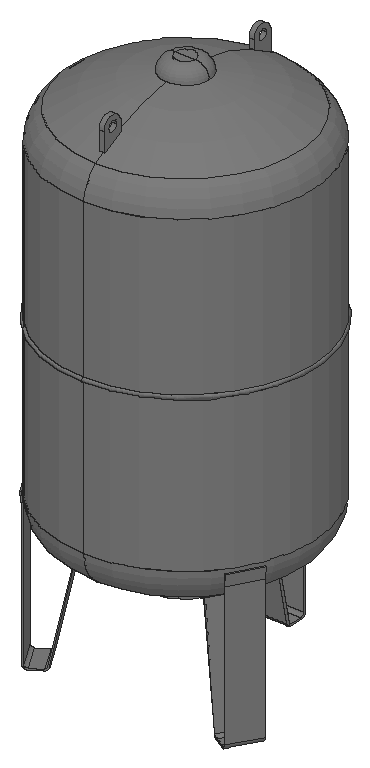
Revit family "MIT-60-ET (Vertical)", category Specialty Equipment, Revit 2022
Family settings
  Round Connector Dimension = Use Diameter
  Part Type = Normal
  Work Plane-Based = No
  Always vertical = Yes
  Cut with Voids When Loaded = No
  Maintain Annotation Orientation = No
  Shared = No
  Room Calculation Point = No
Parameters
  URL = "https://en.ekinendustriyel.com/expansion-tanks"
  Test Pressure = 15.0 bar
  Production Standard = "TS EN 13831"
  Precharge Pressure = 4.0 bar
  Operating Pressure = 10.0 bar
  Model = "MIT-60-ET_(Vertical)"
  Manufacturer = "Ekin Endüstriyel"
  Keynote = "Expension Tank"
  Description = "MIT-Expension Tank"
  Default Elevation = 0 mm
Reference planes
  plane 1 "Center (Front/Back)": y = 0
  plane 2: z = 0
  plane 3 "Center (Left/Right)": x = 0
Forms (mm)
  Revolve 1, solid, material "Ekin Endustriyel-S235JR", detail levels medium+fine
    sketch origin (0, -3850, 0) x (0, 1, 0) y (0, 0, 1)
      loop
        line (3850, 805.013) -> (3850, 803.813) -> (3882.856, 803.813)
        arc (3882.856, 803.813) -> (3953.172, 786.608) -> (4017.445, 753.303) r 304.726
        arc (4017.445, 753.303) -> (4032.24, 735.029) -> (4038.8, 712.449) r 59.499
        line (4038.8, 712.449) -> (4038.8, 241.641)
        arc (4038.8, 241.641) -> (4032.205, 215.069) -> (4013.949, 194.665) r 56.826
        arc (4013.949, 194.665) -> (3968.225, 169.414) -> (3918.616, 153.063) r 280.99
        arc (3918.616, 153.063) -> (3917.773, 152.49) -> (3916.923, 151.928) r 86.505
        line (3916.923, 151.928) -> (3850, 151.928) -> (3850, 150.728) -> (3917.279, 150.728)
        arc (3917.279, 150.728) -> (3918.197, 151.33) -> (3919.107, 151.944) r 87.705
        arc (3919.107, 151.944) -> (3968.809, 168.36) -> (4014.625, 193.673) r 282.19
        arc (4014.625, 193.673) -> (4033.265, 214.508) -> (4040, 241.641) r 58.026
        line (4040, 241.641) -> (4040, 472.018)
        arc (4040, 472.018) -> (4043.004, 475.019) -> (4040, 478.019) r 3
        line (4040, 478.019) -> (4040, 712.5)
        arc (4040, 712.5) -> (4033.302, 735.587) -> (4018.166, 754.264) r 60.699
        arc (4018.166, 754.264) -> (3953.586, 787.734) -> (3882.929, 805.013) r 305.926
        line (3882.929, 805.013) -> (3850, 805.013)
      axis (3850, 150.728) -> (3850, 805.013)
    angle from 0 to 360
  Extrusion 2, solid, material "Ekin Endustriyel-S235JR", detail levels coarse
    sketch origin (1330, -1404.643, 108.557) x (1, 0, 0) y (0, 1, 0)
      loop
        circle (-1330, 1405) r 73.5
    from 31 to 42.174
  Revolve 3, solid, material "Ekin Endustriyel-S235JR", detail levels fine
    sketch origin (1890, 0.357, 108.557) x (1, 0, 0) y (0, 0, 1)
      loop
        line (-1901.787, 4.526) -> (-1901.787, 31) -> (-1907.034, 31)
        arc (-1907.034, 31) -> (-1906.343, 30.575) -> (-1906.192, 29.778) r 1.003
        line (-1906.192, 29.778) -> (-1905.077, 28.872) -> (-1906.303, 27.876) -> (-1905.077, 26.88) -> (-1906.303, 25.883) -> (-1905.077, 24.887) -> (-1906.303, 23.891) -> (-1905.077, 22.895) -> (-1906.303, 21.898) -> (-1905.077, 20.902) -> (-1906.303, 19.906) -> (-1905.077, 18.91) -> (-1906.303, 17.914) -> (-1905.077, 16.917) -> (-1906.303, 15.921) -> (-1905.077, 14.925) -> (-1906.303, 13.929) -> (-1905.077, 12.932) -> (-1906.303, 11.936) -> (-1905.077, 10.94) -> (-1906.303, 9.944) -> (-1905.077, 8.948) -> (-1906.303, 7.951) -> (-1905.077, 6.955) -> (-1906.303, 5.959) -> (-1904.539, 4.526) -> (-1901.787, 4.526)
      axis (-1890, 31) -> (-1890, 4.526)
    angle from 0 to 360
  Revolve 4, solid, material "Ekin Endustriyel-S235JR", detail levels medium+fine
    sketch origin (730, 0, 463.492) x (1, 0, 0) y (0, 0, 1)
      loop
        arc (-745, 361.508) -> (-759.142, 355.65) -> (-765, 341.508) r 20
        line (-765, 341.508) -> (-763, 341.52)
        arc (-763, 341.52) -> (-757.732, 354.239) -> (-745.013, 359.508) r 17.987
        line (-745.013, 359.508) -> (-730, 359.508) -> (-730, 361.508) -> (-745, 361.508)
      axis (-730, 341.508) -> (-730, 361.508)
    angle from 0 to 360
  Extrusion 5, solid, material "Ekin Endustriyel-S235JR", detail levels fine
    sketch origin (1330, -1404.643, 139.557) x (0, 1, 0) y (1, 0, 0)
      loop
        line (1469.567, -1324.064) -> (1462.158, -1323.023) -> (1457.552, -1328.918) -> (1460.355, -1335.855) -> (1467.764, -1336.896) -> (1472.37, -1331.001) -> (1469.567, -1324.064)
      loop
        line (1342.236, -1323.023) -> (1337.63, -1328.918) -> (1340.433, -1335.855) -> (1347.842, -1336.896) -> (1352.448, -1331.001) -> (1349.645, -1324.064) -> (1342.236, -1323.023)
      loop
        line (1442.389, -1382.929) -> (1439.587, -1375.992) -> (1432.178, -1374.951) -> (1427.572, -1380.846) -> (1430.374, -1387.783) -> (1437.783, -1388.824) -> (1442.389, -1382.929)
      loop
        line (1379.626, -1272.136) -> (1372.217, -1271.095) -> (1367.611, -1276.991) -> (1370.413, -1283.927) -> (1377.822, -1284.969) -> (1382.428, -1279.073) -> (1379.626, -1272.136)
      loop
        line (1377.822, -1388.824) -> (1382.428, -1382.929) -> (1379.626, -1375.992) -> (1372.217, -1374.951) -> (1367.611, -1380.846) -> (1370.413, -1387.783) -> (1377.822, -1388.824)
      loop
        line (1442.389, -1279.073) -> (1439.587, -1272.136) -> (1432.178, -1271.095) -> (1427.572, -1276.991) -> (1430.374, -1283.927) -> (1437.783, -1284.969) -> (1442.389, -1279.073)
    from 0 to 5.3
  Extrusion 6, solid, material "Ekin Endustriyel-S235JR", detail levels fine
    sketch origin (1330, -1404.643, 150.731) x (1, 0, 0) y (0, 1, 0)
      loop
        circle (-1330, 1465) r 4.5
      loop
        circle (-1381.962, 1435) r 4.5
      loop
        circle (-1381.962, 1375) r 4.5
      loop
        circle (-1330, 1345) r 4.5
      loop
        circle (-1278.038, 1375) r 4.5
      loop
        circle (-1278.038, 1435) r 4.5
    from 0 to -11.174
  Extrusion 7, solid, material "Ekin Endustriyel-S235JR", detail levels medium
    sketch origin (1330, -1405, 139.557) x (0, 1, 0) y (1, 0, 0)
      loop
        circle (1405, -1330) r 16.3
      loop
        circle (1405, -1330) r 11.767
    from 26.474 to 0
  Extrusion 8, solid, material "Ekin Endustriyel-S235JR", detail levels coarse
    sketch origin (1330, -1405, 139.557) x (0, 1, 0) y (1, 0, 0)
      loop
        arc (1388.7, -1330) -> (1396.718, -1344.039) -> (1412.885, -1344.266) r 16.3
        arc (1412.885, -1344.266) -> (1413.282, -1315.961) -> (1388.7, -1330) r 16.3
    from 0 to 26.474
  Extrusion 9, solid, material "Ekin Endustriyel-S235JR", detail levels medium+fine
    sketch origin (1330, -2209.643, 139.557) x (0, 1, 0) y (1, 0, 0)
      loop
        circle (2210, -1330) r 73.5
      loop
        circle (2150, -1330) r 4.5
      loop
        circle (2180, -1278.038) r 4.5
      loop
        circle (2240, -1278.038) r 4.5
      loop
        circle (2270, -1330) r 4.5
      loop
        circle (2240, -1381.962) r 4.5
      loop
        circle (2180, -1381.962) r 4.5
      loop
        circle (2158.038, -1300) r 4.5
      loop
        circle (2210, -1270) r 4.5
      loop
        circle (2261.962, -1300) r 4.5
      loop
        circle (2261.962, -1360) r 4.5
      loop
        circle (2210, -1390) r 4.5
      loop
        circle (2158.038, -1360) r 4.5
    from 0 to -11.174
  Extrusion 10, solid, material "Ekin Endustriyel-S235JR", detail levels coarse
    sketch origin (3210, -3825, 42.174) x (0, 1, 0) y (-1, 0, 0)
      loop
        circle (3825, 3210) r 193
    from 108.554 to 762.838
  Extrusion 11, solid, material "Ekin Endustriyel-S235JR", detail levels coarse
    sketch origin (730, -765, 805) x (0, 1, 0) y (-1, 0, 0)
      loop
        circle (765, 730) r 35
    from 0 to 20.006
  Extrusion 12, solid, material "Ekin Endustriyel-S235JR", detail levels medium+fine
    sketch origin (0, 1.996, 0) x (0, 1, 0) y (0, 0, 1)
      loop
        line (190.198, 236.716) -> (188.213, 236.96) -> (186.213, 220.671) -> (186.213, 7)
        arc (186.213, 7) -> (184.748, 3.464) -> (181.213, 2) r 5
        line (181.213, 2) -> (161.443, 2)
        arc (161.443, 2) -> (158.296, 3.114) -> (156.552, 5.96) r 5
        line (156.552, 5.96) -> (121.839, 169.264) -> (119.886, 168.849) -> (154.6, 5.523)
        arc (154.6, 5.523) -> (157.033, 1.554) -> (161.421, 0) r 6.973
        line (161.421, 0) -> (181.256, 0)
        arc (181.256, 0) -> (186.175, 2.038) -> (188.213, 6.957) r 6.957
        line (188.213, 6.957) -> (188.213, 220.548) -> (190.198, 236.716)
    from -23.363 to 26.635
  Extrusion 13, solid, material "Ekin Endustriyel-S235JR", detail levels medium+fine
    sketch origin (0, 1.996, 0) x (-0.866025, -0.5, 0) y (0, 0, 1)
      loop
        line (193.192, 236.716) -> (191.206, 236.96) -> (188.998, 218.972) -> (188.998, 7)
        arc (188.998, 7) -> (187.533, 3.464) -> (183.998, 2) r 5
        line (183.998, 2) -> (164.666, 2)
        arc (164.666, 2) -> (161.52, 3.114) -> (159.776, 5.96) r 5
        line (159.776, 5.96) -> (125.054, 169.311) -> (123.098, 168.895) -> (157.824, 5.523)
        arc (157.824, 5.523) -> (160.256, 1.554) -> (164.645, 0) r 6.973
        line (164.645, 0) -> (184.041, 0)
        arc (184.041, 0) -> (188.96, 2.038) -> (190.998, 6.957) r 6.957
        line (190.998, 6.957) -> (190.998, 218.85) -> (193.192, 236.716)
    from -23.363 to 26.635
  Extrusion 14, solid, material "Ekin Endustriyel-S235JR", detail levels medium+fine
    sketch origin (0, 1.996, 0) x (0.866025, -0.5, 0) y (0, 0, 1)
      loop
        line (193.192, 236.716) -> (191.206, 236.96) -> (188.998, 218.972) -> (188.998, 7)
        arc (188.998, 7) -> (187.533, 3.464) -> (183.998, 2) r 5
        line (183.998, 2) -> (164.666, 2)
        arc (164.666, 2) -> (161.52, 3.114) -> (159.776, 5.96) r 5
        line (159.776, 5.96) -> (125.054, 169.311) -> (123.098, 168.895) -> (157.824, 5.523)
        arc (157.824, 5.523) -> (160.256, 1.554) -> (164.645, 0) r 6.973
        line (164.645, 0) -> (184.041, 0)
        arc (184.041, 0) -> (188.96, 2.038) -> (190.998, 6.957) r 6.957
        line (190.998, 6.957) -> (190.998, 218.85) -> (193.192, 236.716)
    from -23.363 to 26.635
  Extrusion 15, solid, material "Ekin Endustriyel-S235JR", detail levels coarse
    sketch origin (0, 1.996, 0) x (0, 1, 0) y (0, 0, 1)
      loop
        line (188.213, 150.728) -> (123.737, 150.728) -> (154.6, 5.523)
        arc (154.6, 5.523) -> (157.033, 1.554) -> (161.421, 0) r 6.973
        line (161.421, 0) -> (181.256, 0)
        arc (181.256, 0) -> (186.175, 2.038) -> (188.213, 6.957) r 6.957
        line (188.213, 6.957) -> (188.213, 150.728)
    from -23.363 to 26.635
  Extrusion 16, solid, material "Ekin Endustriyel-S235JR", detail levels coarse
    sketch origin (0, 1.996, 0) x (-0.866025, -0.5, 0) y (0, 0, 1)
      loop
        line (188.213, 150.728) -> (126.96, 150.728) -> (157.823, 5.523)
        arc (157.823, 5.523) -> (160.255, 1.554) -> (164.643, 0) r 6.973
        line (164.643, 0) -> (181.256, 0)
        arc (181.256, 0) -> (186.175, 2.038) -> (188.213, 6.957) r 6.957
        line (188.213, 6.957) -> (188.213, 150.728)
    from -23.363 to 26.635
  Extrusion 17, solid, material "Ekin Endustriyel-S235JR", detail levels coarse
    sketch origin (0, 1.996, 0) x (0.866025, -0.5, 0) y (0, 0, 1)
      loop
        line (188.213, 150.728) -> (126.96, 150.728) -> (157.823, 5.523)
        arc (157.823, 5.523) -> (160.255, 1.554) -> (164.643, 0) r 6.973
        line (164.643, 0) -> (181.256, 0)
        arc (181.256, 0) -> (186.175, 2.038) -> (188.213, 6.957) r 6.957
        line (188.213, 6.957) -> (188.213, 150.728)
    from -23.363 to 26.635
  Extrusion 18, solid, material "Ekin Endustriyel-S235JR", detail levels fine
    sketch origin (0, -780, 0) x (0, 1, 0) y (0, 0, 1)
      loop
        line (935.178, 762.768) -> (935.178, 792.679)
        arc (935.178, 792.679) -> (920.178, 807.679) -> (905.178, 792.679) r 15
        line (905.178, 792.679) -> (905.178, 778.149)
        arc (905.178, 778.149) -> (920.39, 770.872) -> (935.178, 762.768) r 305.88
      loop
        circle (920.256, 792.757) r 8.012
      loop
        arc (625.061, 763.314) -> (639.851, 771.352) -> (655.061, 778.565) r 305.88
        line (655.061, 778.565) -> (655.061, 792.679)
        arc (655.061, 792.679) -> (640.061, 807.679) -> (625.061, 792.679) r 15
        line (625.061, 792.679) -> (625.061, 763.314)
      loop
        circle (639.983, 792.757) r 8.012
    from -4.668 to 2.964
Cuts and joins
  joined: Extrusion 5, Extrusion 6
Dimensions and locks
  aligned and locked: level to plane 2
Connectors
  piping at (0, 0, 113.082), diameter 25.4
    settings: on Extrusion 7, index 1, connector inside diameter 609.6 mm, connector length 0 mm, flow factor 0, pipe flow 0.0 L/s, pressure drop 0.0 Pa, fitting loss kfactor 0, connector angle 0.00°, fixture units 0, engagement length 0 mm, angle of deflection 0.00°, flow configuration 0, flow direction 0, fitting loss method 0, system type 7, joint type 0, gender type 0, connector reference index -1, connector utility 0, adjustable connector no, is connector primary yes, connector description ""
